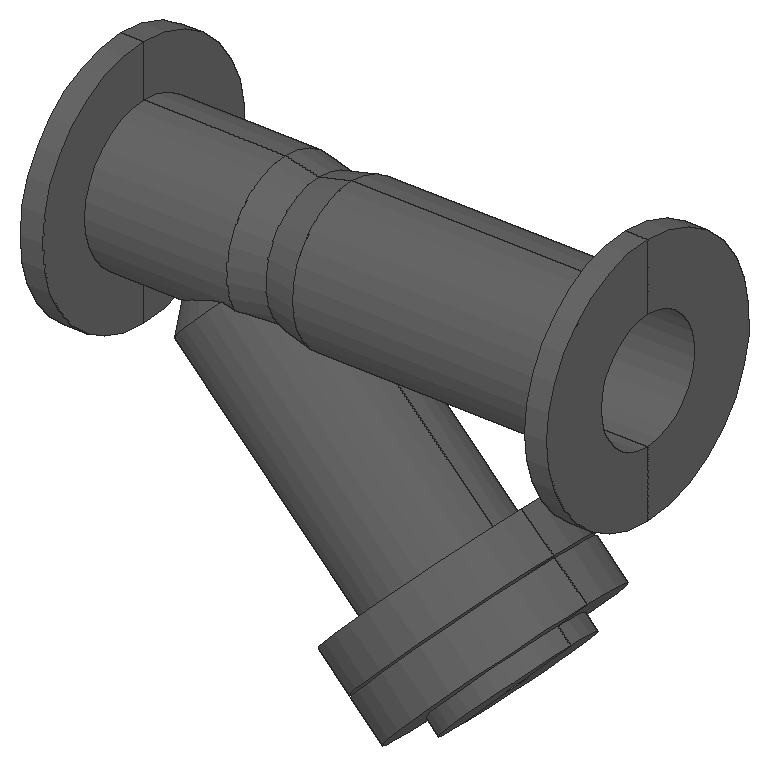
Revit family "Wye-Pattern_Strainers-Backflow_Preventor-WATTS-77F-DI-250", category Pipe Accessories, Revit 2014
Parameters (values of type "77F-DI-250 2"")
  Width = 4 1/4"
  Weight = "28/13 (LB/KG)"
  Waste Connection = no
  Vent Connection = no
  URL = "http://www.watts.com/"
  Strainer Width = 3 7/8"
  Strainer Thickness = Flange Thickness * 2  # 3/4"
  Strainer Revolve Offset Distance = Strainer Width / 2  # 1 15/16"
  Strainer Offset Length From Flange = (Strainer Length - Strainer Diameter) / 2  # 11/16"
  Strainer Length = Strainer Width  # 3 7/8"
  Strainer Diameter = Nominal Depth * 2 + NPT Diameter  # 2 1/2"
  Product Page URL = "http://www.watts.com/pages/_products_details.asp?pid=833"
  Product Documentation Link = "http://media.wattswater.com/ES-77f-DI-250.pdf"
  Price = "Prices may vary. Please consult Manufacturer Representative for most up-to-date price list."  # constant formula
  Nominal Depth 2 = Nominal Depth / 2  # 1/2"
  Nominal Depth = 1"
  NPT Radius = NPT Diameter / 2  # 1/4"
  NPT Diameter = 1/2"
  Model = "77F-DI-250"  # constant formula
  Max. Working Pressure = "500psi (34.47 bars) WOG, non-shock, @ 150°F (66°C) 250psi (17.2 bars) WSP @ 406°F (208°C)"  # constant formula
  Material = "Metal-Watts-Ductile Iron"  # constant formula
  Manufacturer = "WATTS"  # constant formula
  HW Connection = no
  Flange Thickness = 3/8"
  Finish = Metal-Watts-Ductile Iron
  Description = "Ductile Iron, Class 250 Flanged End, Wye-Pattern Strainers"  # constant formula
  D = 9 1/8"
  Creation Date = "07/26/2018"  # constant formula
  Connection Size = Connection Radius * 2  # 2"
  Connection Radius = 1"
  Connection Outlet Description = "1/2\" Flanged Outlet"
  Connection Inlet Description = "1/2\" Flanged Inlet"
  Clearance = yes
  CW Connection = yes
  Body Radius = 1 1/4"
  B = 6 1/2"
  Assembly Code = "F1050"
  A = 8 7/8"
Types (10): name | Width | Weight | Strainer Width | Strainer Thickness | Strainer Revolve Offset Distance | Strainer Offset Length From Flange | Strainer Length | Strainer Diameter | Nominal Depth 2 | Nominal Depth | NPT Radius | NPT Diameter | Flange Thickness | D | Connection Size | Connection Radius | Connection Outlet Description | Connection Inlet Description | Body Radius | B | A
  (no name) | 4 1/4" | "28/13 (LB/KG)" | 3 7/8" | 3/4" | 1 15/16" | 11/16" | 3 7/8" | 2 1/2" | 1/2" | 1" | 1/4" | 1/2" | 3/8" | 9 1/8" | 2" | 1" | "1/2\" Flanged Outlet" | "1/2\" Flanged Inlet" | 1 1/4" | 6 1/2" | 8 7/8"
  77F-DI-250 2" | 4 1/4" | "28/13 (LB/KG)" | 3 7/8" | 3/4" | 1 15/16" | 11/16" | 3 7/8" | 2 1/2" | 1/2" | 1" | 1/4" | 1/2" | 3/8" | 9 1/8" | 2" | 1" | "1/2\" Flanged Outlet" | "1/2\" Flanged Inlet" | 1 1/4" | 6 1/2" | 8 7/8"
  77F-DI-250 2.5" | 5" | "38/17 (LB/KG)" | 4 7/8" | 3/4" | 2 7/16" | 15/16" | 4 7/8" | 3" | 1/2" | 1" | 1/2" | 1" | 3/8" | 9 7/8" | 2 1/2" | 1 1/4" | "1\" Flanged Outlet" | "1\" Flanged Inlet" | 1 5/8" | 7" | 11 1/4"
  77F-DI-250 3" | 5 1/2" | "54/24 (LB/KG)" | 5" | 1" | 2 1/2" | 5/8" | 5" | 3 3/4" | 11/16" | 1 3/8" | 1/2" | 1" | 1/2" | 11 1/4" | 3" | 1 1/2" | "1\" Flanged Outlet" | "1\" Flanged Inlet" | 2" | 8" | 11 5/8"
  77F-DI-250 4" | 7" | "110/50 (LB/KG)" | 6 1/8" | 1" | 3 1/16" | 15/16" | 6 1/8" | 4 1/4" | 13/16" | 1 5/8" | 1/2" | 1" | 1/2" | 15" | 4" | 2" | "1\" Flanged Outlet" | "1\" Flanged Inlet" | 2 1/2" | 10 3/4" | 14 1/2"
  77F-DI-250 5" | 8 1/4" | "160/73 (LB/KG)" | 7 1/2" | 1 1/4" | 3 3/4" | 1 3/8" | 7 1/2" | 4 3/4" | 7/8" | 1 3/4" | 5/8" | 1 1/4" | 5/8" | 19" | 5" | 2 1/2" | "1-1/4\" Flanged Outlet" | "1-1/4\" Flanged Inlet" | 3" | 13 1/2" | 17 3/8"
  77F-DI-250 6" | 10" | "224/102 (LB/KG)" | 8 1/2" | 2" | 4 1/4" | 1" | 8 1/2" | 6 1/2" | 1 1/4" | 2 1/2" | 3/4" | 1 1/2" | 1" | 22 3/4" | 6" | 3" | "1-1/2\" Flanged Outlet" | "1-1/2\" Flanged Inlet" | 3 1/2" | 16 1/4" | 18 3/4"
  77F-DI-250 8" | 14" | "468/212 (LB/KG)" | 11" | 2" | 5 1/2" | 7/8" | 11" | 9 1/4" | 1 15/16" | 3 7/8" | 3/4" | 1 1/2" | 1" | 27 3/4" | 8" | 4" | "1-1/2\" Flanged Outlet" | "1-1/2\" Flanged Inlet" | 5" | 19 1/2" | 21 7/8"
  77F-DI-250 10" | 16" | "590/268 (LB/KG)" | 12" | 3" | 6" | 1" | 12" | 10" | 2" | 4" | 1" | 2" | 1 1/2" | 29 3/4" | 10" | 5" | "2\" Flanged Outlet" | "2\" Flanged Inlet" | 5 5/8" | 21 1/4" | 27 1/4"
  77F-DI-250 12" | 20" | "890/404 (LB/KG)" | 15" | 3" | 7 1/2" | 3/4" | 15" | 13 1/2" | 2 7/8" | 5 3/4" | 1" | 2" | 1 1/2" | 35" | 12" | 6" | "2\" Flanged Outlet" | "2\" Flanged Inlet" | 7" | 25" | 31 3/8"
Reference planes (in)
  plane 1 "Center (Front/Back)": y = 0
  plane 2: z = 0
  plane 3 "Center (Left/Right)": x = 0
  plane 4: x = -4.4375
  plane 5: x = 4.4375
  plane 6: z = 1
  plane 7: z = -1
  plane 8: z = 2.125
  plane 9: z = -2.125
  plane 10: z = -6.5
  plane 11: z = 1.25
  plane 12: z = 1.125
  plane 13: x = -2.21875
  plane 14: x = -1.10937
  plane 15: x = -1.66406
  plane 16: x = -0.55469
  plane 17: y = 1.9375
  plane 18: y = -1.9375
  plane 19: z = -1.5625
  plane 20: z = -1
  plane 21: z = -1.84375
  plane 22: z = 1
  plane 23: x = -1.59375
  plane 24: x = 1.59375
  plane 25: y = -2
  plane 26: z = -9.125
Forms (in)
  Revolve 1, solid, material "Metal-Watts-Ductile Iron"
    sketch origin (0, 0, 0) x (1, 0, 0) y (0, 0, 1)
      loop
        line (-4.4375, 1) -> (4.4375, 1) -> (4.4375, 2.125) -> (4.0625, 2.125) -> (4.0625, 1.25) -> (-0.55469, 1.25) -> (-1.10937, 1.125) -> (-1.66406, 1.25) -> (-4.0625, 1.25) -> (-4.0625, 2.125) -> (-4.4375, 2.125) -> (-4.4375, 1)
      axis (4.4375, 0) -> (-4.4375, 0)
    angle from 0 to 360
  Revolve 2, solid, material "Metal-Watts-Ductile Iron"
    sketch origin (0, 0, 0) x (1, 0, 0) y (0, 0, 1)
      loop
        line (-3.08919, -0.36343) -> (-3.08919, -1.77764) -> (0.06427, -4.93111) -> (-0.42186, -5.41724) -> (0.10847, -5.94757) -> (0.5946, -5.46144) -> (0.6167, -5.48353) -> (0.13057, -5.96967) -> (0.6609, -6.5) -> (1.14703, -6.01386) -> (1.368, -6.23483) -> (2.07511, -5.52773) -> (-3.08919, -0.36343)
      axis (-2.91241, -0.18665) -> (2.25189, -5.35095)
    angle from 0 to 360
Lines and regions (in)
  Masking region 1, detail levels fine
    outline origin (0, 0, 0) x (1, 0, 0) y (0, 1, 0)
      loop
        line (-4.4375, 2.125) -> (-4.4375, -2.125) -> (-4.0625, -2.125) -> (-4.0625, -1.25) -> (0.13057, -1.25) -> (0.13057, -1.9375) -> (3.90093, -1.9375) -> (3.90093, -1.25) -> (4.0625, -1.25) -> (4.0625, -2.125) -> (4.4375, -2.125) -> (4.4375, 2.125) -> (4.0625, 2.125) -> (4.0625, 1.25) -> (3.90093, 1.25) -> (3.90093, 1.9375) -> (0.13057, 1.9375) -> (0.13057, 1.25) -> (-4.0625, 1.25) -> (-4.0625, 2.125) -> (-4.4375, 2.125)
  symbolic lines, style "PipeAccessory", detail levels fine
    curve 1: line (0.13057, 1.25, 0) -> (3.90093, 1.25, 0)
    curve 2: line (0.13057, -1.25, 0) -> (3.90093, -1.25, 0)
    curve 3: line (-4.0625, 1.25, 0) -> (-4.0625, -1.25, 0)
    curve 4: line (4.0625, 1.25, 0) -> (4.0625, -1.25, 0)
  symbolic lines, style "PlumbingFixturesHiddenLines", visible <- "Clearance", detail levels fine
    curve 5: line (-4.4375, 0, 0) -> (4.4375, 0, 0)
    curve 6: line (-4.4375, 0, -9.125) -> (-4.4375, 0, 0)
    curve 7: line (4.4375, 0, -9.125) -> (-4.4375, 0, -9.125)
    curve 8: line (4.4375, 0, 0) -> (4.4375, 0, -9.125)
Dimensions and locks (in)
  "Connection Size": plane 6 to plane 7
  "Width": plane 8 to plane 9
  equal spacing: plane 8, level, plane 9
  "A": plane 5 to plane 4
  equal spacing: plane 4, plane 3 "Center (Left/Right)", plane 5
  "B": level to plane 10
  equal spacing: plane 6, level, plane 7
  equal spacing: plane 3 "Center (Left/Right)", plane 13, plane 4
  equal spacing: plane 3 "Center (Left/Right)", plane 14, plane 13
  equal spacing: plane 14, plane 15, plane 13
  equal spacing: plane 3 "Center (Left/Right)", plane 16, plane 14
  "Strainer Width": plane 17 to plane 18
  "Flange Thickness": Revolve 1 sketch curve to plane 4
  "Flange Thickness": Revolve 1 sketch curve to plane 5
  "Connection Radius": level to plane 20
  equal spacing: plane 20, plane 19, plane 9
  equal spacing: plane 19, plane 21, plane 9
  "NPT Radius": Revolve 2 sketch curve to Revolve 2 sketch curve
  "Nominal Depth": Revolve 2 sketch curve to Revolve 2 sketch curve
  "Connection Radius": plane 22 to level
  equal spacing: plane 11, plane 12, plane 22
  equal spacing: plane 17, plane 1 "Center (Front/Back)", plane 18
  "Body Radius": plane 11 to level
  "Width": Masking region 1 sketch curve to Masking region 1 sketch curve
  equal spacing: Masking region 1 sketch curve, plane 1 "Center (Front/Back)", Masking region 1 sketch curve
  "Body Radius": plane 1 "Center (Front/Back)" to Masking region 1 sketch curve
  "Body Radius": Masking region 1 sketch curve to plane 1 "Center (Front/Back)"
  locked: plane 25 to plane 1 "Center (Front/Back)" at 2
  "D": level to plane 26
  "Strainer Thickness": Revolve 2 sketch curve to Revolve 2 sketch curve  (x2)
  locked: Revolve 2 sketch curve to Revolve 2 sketch curve at 0.03125
  locked: Revolve 2 sketch curve to Revolve 2 sketch curve at 0.3125
  locked: Revolve 2 sketch curve to plane 21 (angle 45.00°)
  locked: plane 10 to Revolve 2 sketch curve (angle 45.00°)  (x3)
  locked: Revolve 2 sketch curve to plane 10 (angle 45.00°)  (x2)
  aligned and locked: plane 5 to Revolve 1 sketch curve
  aligned and locked: plane 8 to Revolve 1 sketch curve
  aligned and locked: Revolve 1 sketch curve to plane 8
  aligned and locked: Revolve 1 sketch curve to Revolve 1 sketch curve
  aligned and locked: Revolve 1 sketch curve to plane 11
  aligned and locked: plane 15 to Revolve 1 sketch curve
  aligned and locked: plane 16 to Revolve 1 sketch curve
  aligned and locked: plane 12 to Revolve 1 sketch curve
  aligned and locked: plane 14 to Revolve 1 sketch curve
  aligned and locked: Revolve 1 sketch curve to plane 6
  aligned and locked: Masking region 1 sketch curve to plane 4
  aligned and locked: Masking region 1 sketch curve to plane 5
  aligned and locked: Masking region 1 sketch curve to Masking region 1 sketch curve  (x8)
  aligned and locked: Revolve 1 to Masking region 1 sketch curve
  aligned and locked: Masking region 1 sketch curve to Revolve 1
  aligned and locked: Masking region 1 sketch curve to plane 17
  aligned and locked: Masking region 1 sketch curve to plane 18
  aligned and locked: Masking region 1 to curve 2  (x2)
  aligned and locked: curve 2 to Masking region 1
  aligned and locked: curve 1 to Masking region 1  (x2)
  aligned and locked: Masking region 1 to curve 1
  aligned and locked: Revolve 1 to curve 3
  aligned and locked: Revolve 1 to curve 4
  aligned and locked: curve 3 to Masking region 1
  aligned and locked: Masking region 1 to curve 3
  aligned and locked: curve 4 to Masking region 1
  aligned and locked: Masking region 1 to curve 4
  aligned and locked: curve 5 to level
  aligned and locked: curve 6 to Revolve 1
  aligned and locked: curve 7 to plane 26
  aligned and locked: plane 5 to curve 8
  aligned and locked: Revolve 2 sketch curve to Revolve 2 sketch curve  (x3)
Automatic sketch dimensions
  Revolve 1 sketch curve to level = 0"
  Revolve 1 sketch curve to plane 4 = 0"
  Revolve 1 sketch curve to plane 4 = 0.90603"
  Revolve 1 sketch curve to Revolve 1 sketch curve = 0.42846"
  Revolve 2 sketch curve to plane 10 = 0"
  Revolve 2 sketch curve to plane 21 = 0.06611"
  Revolve 2 sketch curve to plane 19 = 0.18272"
  plane 3 "Center (Left/Right)" to Revolve 2 sketch curve = 0.06427"
  Revolve 2 sketch curve to plane 3 "Center (Left/Right)" = 27/64"
  plane 3 "Center (Left/Right)" to Masking region 1 sketch curve = 0.13057"
  Masking region 1 sketch curve to Masking region 1 sketch curve = 0.16157"
Connectors (in)
  piping at (4.4375, 0, 0), diameter 2, driven by "Connection Radius"
    settings: on Revolve 1, index 1, connector inside diameter 3/4", connector length 0", flow factor 0, pipe flow 0 GPM, pressure drop 0.00 psi, fitting loss kfactor 0, connector angle 0.00°, fixture units 0, engagement length 0", angle of deflection 0.00°, flow configuration 0, flow direction 2, fitting loss method 0, system type 29, joint type 0, gender type 0, connector reference index 2, connector utility 0, adjustable connector no, is connector primary no, connector description "Threaded Female Connection Outlet"
  piping at (-4.4375, 0, 0), diameter 2, driven by "Connection Radius"
    settings: on Revolve 1, index 2, connector inside diameter 3/4", connector length 0", flow factor 0, pipe flow 0 GPM, pressure drop 0.00 psi, fitting loss kfactor 0, connector angle 0.00°, fixture units 0, engagement length 0", angle of deflection 0.00°, flow configuration 0, flow direction 1, fitting loss method 0, system type 29, joint type 0, gender type 0, connector reference index 1, connector utility 0, adjustable connector no, is connector primary yes, connector description "Threaded Female Connection Inlet"
